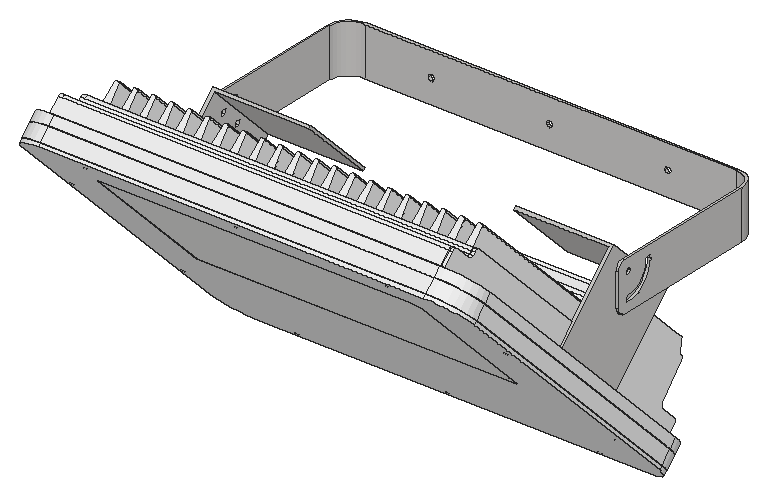
Revit family "FT ATEX LED MAX_2021", category Luminarias, Revit 2021 (continued)
Types (12, lengths in mm): name | Wattage | Power | Position | Archivo de red fotométrica | built-in parameter 1150142 | Modules | Lumens | built-in parameter 1150105 | built-in parameter 1150106 | Equiv MH
  PA304B | 135.315 W | 146 W | 90.00° | "PA304B.ies" | "IESNA:LM-63-2002\r\n[TEST] LEDMAX 2020-1/Converted LDT Editor version 1.3.0.0 - DIAL GmbH (www.dial.de) on 05-10-2020\r\n[TESTLAB] ies2eulumdat.appspot.com\r\n[ISSUEDATE] 2020-10-06T06:30:31.918\r\n[MANUFAC] AIRFAL\r\n[LUMCAT] PA304B\r\n[LUMINAIRE] LED MAX 148W 21366lm ASIMÉTRICA\r\n[LAMPCAT] TRIDONIC LED MODULES\r\n[LAMP] TRIDONIC LED MODULES\r\nTILT=NONE\r\n1\t21366\t1\t91\t72\t1\t2\t0.223\t0.300\t0.003\r\n1.0\t1.0\t153.00\r\n0\t 2\t 4\t 6\t 8\t 10\t 12\t 14\t 16\t 18\r\n20\t 22\t 24\t 26\t 28\t 30\t 32\t 34\t 36\t 38\r\n40\t 42\t 44\t 46\t 48\t 50\t 52\t 54\t 56\t 58\r\n60\t 62\t 64\t 66\t 68\t 70\t 72\t 74\t 76\t 78\r\n80\t 82\t 84\t 86\t 88\t 90\t 92\t 94\t 96\t 98\r\n100\t 102\t 104\t 106\t 108\t 110\t 112\t 114\t 116\t 118\r\n120\t 122\t 124\t 126\t 128\t 130\t 132\t 134\t 136\t 138\r\n140\t 142\t 144\t 146\t 148\t 150\t 152\t 154\t 156\t 158\r\n160\t 162\t 164\t 166\t 168\t 170\t 172\t 174\t 176\t 178\r\n180\r\n0\t 5\t 10\t 15\t 20\t 25\t 30\t 35\t 40\t 45\r\n50\t 55\t 60\t 65\t 70\t 75\t 80\t 85\t 90\t 95\r\n100\t 105\t 110\t 115\t 120\t 125\t 130\t 135\t 140\t 145\r\n150\t 155\t 160\t 165\t 170\t 175\t 180\t 185\t 190\t 195\r\n200\t 205\t 210\t 215\t 220\t 225\t 230\t 235\t 240\t 245\r\n250\t 255\t 260\t 265\t 270\t 275\t 280\t 285\t 290\t 295\r\n300\t 305\t 310\t 315\t 320\t 325\t 330\t 335\t 340\t 345\r\n350\t 355\r\n3501.2464\t3630.938\t3762.5526\t3906.3458\t4057.8307\t4215.0845\t4377.2524\t4527.8827\t4672.1032\t4804.7861\r\n4922.5127\t5031.9067\t5136.8137\t5237.0203\t5334.4492\t5431.6645\t5541.9131\t5655.5802\t5760.0599\t5899.3663\r\n6094.8652\t6356.1713\t6679.0116\t7081.7607\t7533.8653\t7935.5461\t8300.2637\t8629.0864\t9025.2121\t9271.7757\r\n8305.1779\t6801.2251\t4616.7653\t2908.7672\t1907.3428\t1286.0195\t936.4718\t709.3512\t500.1781\t389.9295\r\n310.2343\t243.9997\t196.7809\t164.3045\t136.5287\t110.8895\t0\t0\t0\t0\r\n0\t0\t0\t0\t0\t0\t0\t0\t0\t0\r\n0\t0\t0\t0\t0\t0\t0\t0\t0\t0\r\n0\t0\t0\t0\t0\t0\t0\t0\t0\t0\r\n0\t0\t0\t0\t0\t0\t0\t0\t0\t0\r\n0\r\n3494.8366\t3624.5282\t3754.6472\t3895.6628\t4046.0794\t4203.7605\t4361.4416\t4513.3538\t4658.8563\t4795.8124\r\n4915.0346\t5025.2832\t5129.3356\t5229.7558\t5325.6892\t5421.1952\t5534.435\t5646.1792\t5749.5906\t5881.6325\r\n6071.5762\t6316.0033\t6622.178\t7004.6294\t7456.3067\t7857.3465\t8211.1675\t8517.3422\t8891.2472\t9162.8091\r\n8290.649\t6755.7155\t4777.0103\t3015.5972\t1992.5932\t1359.3049\t980.9131\t742.4685\t524.9626\t406.1677\r\n331.814\t264.0838\t206.3956\t168.7914\t139.0927\t111.3169\t0\t0\t0\t0\r\n0\t0\t0\t0\t0\t0\t0\t0\t0\t0\r\n0\t0\t0\t0\t0\t0\t0\t0\t0\t0\r\n0\t0\t0\t0\t0\t0\t0\t0\t0\t0\r\n0\t0\t0\t0\t0\t0\t0\t0\t0\t0\r\n0\r\n3495.4776\t3623.4599\t3752.0833\t3890.7486\t4038.3877\t4191.3682\t4345.6307\t4496.4747\t4643.0455\t4777.6513\r\n4897.7282\t5007.1221\t5110.9609\t5207.9625\t5300.9046\t5394.4877\t5504.3089\t5614.1302\t5717.5416\t5836.7639\r\n6007.6919\t6238.872\t6519.4076\t6869.5963\t7314.6501\t7705.6479\t8034.898\t8349.6191\t8707.286\t9078.8407\r\n8468.2004\t6870.451\t5119.2936\t3231.6075\t2129.5492\t1455.8792\t1039.6696\t789.0464\t569.8312\t434.7981\r\n357.6668\t288.441\t221.9927\t178.1924\t148.4937\t120.0769\t0\t0\t0\t0\r\n0\t0\t0\t0\t0\t0\t0\t0\t0\t0\r\n0\t0\t0\t0\t0\t0\t0\t0\t0\t0\r\n0\t0\t0\t0\t0\t0\t0\t0\t0\t0\r\n0\t0\t0\t0\t0\t0\t0\t0\t0\t0\r\n0\r\n3489.4951\t3615.5545\t3738.6227\t3873.4421\t4015.3124\t4163.1651\t4310.1632\t4458.0159\t4601.3818\t4734.9193\r\n4854.7825\t4965.0311\t5067.5879\t5161.3846\t5253.4721\t5341.0727\t5443.4158\t5544.2633\t5638.9147\t5740.1896\r\n5877.7866\t6077.1314\t6316.6442\t6616.8365\t7032.8326\t7472.9722\t7852.005\t8182.9643\t8490.2074\t8896.8024\r\n8773.0933\t7229.1861\t5714.9777\t3727.9397\t2435.724\t1646.2503\t1163.5924\t867.6733\t648.8854\t484.7945\r\n404.672\t326.4725\t248.7002\t191.8667\t158.3221\t132.6829\t0\t0\t0\t0\r\n0\t0\t0\t0\t0\t0\t0\t0\t0\t0\r\n0\t0\t0\t0\t0\t0\t0\t0\t0\t0\r\n0\t0\t0\t0\t0\t0\t0\t0\t0\t0\r\n0\t0\t0\t0\t0\t0\t0\t0\t0\t0\r\n0\r\n3492.9137\t3614.0589\t3734.7768\t3862.9728\t3999.5015\t4138.3805\t4283.0284\t4424.4713\t4563.3503\t4691.9736\r\n4810.1276\t4918.6669\t5017.5914\t5109.0379\t5192.579\t5273.1288\t5365.2163\t5453.8852\t5520.1198\t5598.1057\r\n5696.6029\t5858.5572\t6099.7793\t6411.082\t6800.7978\t7253.9707\t7649.028\t7983.6196\t8251.7629\t8623.1039\r\n8888.897\t7779.3606\t6167.5096\t4352.0405\t2839.5414\t1895.1642\t1322.7691\t964.2476\t720.2479\t539.0642\r\n448.2587\t367.0679\t277.9717\t209.8141\t168.7914\t140.3746\t0\t0\t0\t0\r\n0\t0\t0\t0\t0\t0\t0\t0\t0\t0\r\n0\t0\t0\t0\t0\t0\t0\t0\t0\t0\r\n0\t0\t0\t0\t0\t0\t0\t0\t0\t0\r\n0\t0\t0\t0\t0\t0\t0\t0\t0\t0\r\n0\r\n3485.4356\t3602.0939\t3715.5474\t3837.7609\t3965.7433\t4097.3578\t4230.468\t4363.5782\t4497.543\t4622.1068\r\n4735.1329\t4841.3219\t4938.3236\t5023.7876\t5101.1325\t5167.7944\t5239.1569\t5317.3564\t5362.225\t5422.6908\r\n5521.1881\t5674.3823\t5887.1876\t6150.2031\t6489.0679\t6918.9518\t7333.4522\t7688.1278\t7982.1239\t8278.4704\r\n8743.3945\t8527.8116\t6846.3074\t5259.8819\t3575.6001\t2386.7959\t1623.6023\t1153.123\t841.3931\t616.8364\r\n496.1185\t398.6896\t296.7737\t221.1381\t174.9875\t144.0068\t0\t0\t0\t0\r\n0\t0\t0\t0\t0\t0\t0\t0\t0\t0\r\n0\t0\t0\t0\t0\t0\t0\t0\t0\t0\r\n0\t0\t0\t0\t0\t0\t0\t0\t0\t0\r\n0\t0\t0\t0\t0\t0\t0\t0\t0\t0\r\n0\r\n3488.8541\t3598.6754\t3705.719\t3817.8905\t3937.5401\t4058.899\t4182.6082\t4308.2402\t4434.727\t4552.0263\r\n4658.8563\t4757.7809\t4849.2274\t4926.3586\t4994.3025\t5051.9907\t5108.6106\t5180.8277\t5225.269\t5288.5123\r\n5360.3021\t5470.1233\t5638.9147\t5858.3435\t6141.443\t6508.0836\t6939.2495\t7335.1615\t7687.2731\t7938.11\r\n8296.2041\t8695.321\t7799.6583\t6129.0508\t4599.4588\t3142.2976\t2131.4722\t1467.6305\t1042.2335\t746.9554\r\n568.7629\t444.1991\t325.4042\t240.7948\t187.5935\t150.844\t0\t0\t0\t0\r\n0\t0\t0\t0\t0\t0\t0\t0\t0\t0\r\n0\t0\t0\t0\t0\t0\t0\t0\t0\t0\r\n0\t0\t0\t0\t0\t0\t0\t0\t0\t0\r\n0\t0\t0\t0\t0\t0\t0\t0\t0\t0\r\n0\r\n3485.0083\t3587.9924\t3687.7716\t3790.3284\t3898.013\t4009.9709\t4122.5697\t4238.3734\t4350.7586\t4460.5798\r\n4562.923\t4654.3694\t4739.4061\t4813.1188\t4878.4988\t4931.4865\t4981.2692\t5056.4776\t5092.5861\t5139.805\r\n5190.0151\t5259.0272\t5369.2758\t5536.3579\t5751.5135\t6051.2785\t6429.2431\t6875.5788\t7290.5065\t7649.669\r\n7891.5321\t8297.0588\t8483.7976\t7343.0669\t5839.1141\t4435.3679\t3108.112\t2125.4897\t1479.5955\t1048.6433\r\n753.7925\t564.917\t402.5354\t288.441\t213.2327\t162.1679\t0\t0\t0\t0\r\n0\t0\t0\t0\t0\t0\t0\t0\t0\t0\r\n0\t0\t0\t0\t0\t0\t0\t0\t0\t0\r\n0\t0\t0\t0\t0\t0\t0\t0\t0\t0\r\n0\t0\t0\t0\t0\t0\t0\t0\t0\t0\r\n0\r\n3485.8629\t3580.9416\t3671.1061\t3764.9029\t3861.9045\t3961.4701\t4062.3176\t4163.8061\t4264.0126\t4364.0055\r\n4456.5203\t4543.6936\t4623.8161\t4692.6146\t4754.3623\t4806.2817\t4852.6459\t4913.539\t4947.2973\t4982.3375\r\n5012.6773\t5055.6229\t5125.7034\t5241.9344\t5417.563\t5645.1109\t5962.396\t6377.9647\t6848.8713\t7300.3349\r\n7656.0788\t7884.695\t8277.8294\t8289.1534\t7172.3525\t5825.6536\t4552.4536\t3291.646\t2282.3161\t1590.9124\r\n1124.9199\t805.2845\t557.8663\t393.1344\t280.9629\t205.3273\t0\t0\t0\t0\r\n0\t0\t0\t0\t0\t0\t0\t0\t0\t0\r\n0\t0\t0\t0\t0\t0\t0\t0\t0\t0\r\n0\t0\t0\t0\t0\t0\t0\t0\t0\t0\r\n0\t0\t0\t0\t0\t0\t0\t0\t0\t0\r\n0\r\n3482.8717\t3570.6859\t3653.586\t3733.9222\t3820.4545\t3905.4911\t3993.9464\t4081.9743\t4168.7203\t4255.6799\r\n4338.3663\t4417.8478\t4490.7059\t4556.0858\t4615.9106\t4667.83\t4711.203\t4760.1311\t4789.8299\t4821.0242\r\n4852.2186\t4871.448\t4916.1029\t4989.8156\t5107.9696\t5290.0079\t5516.4875\t5843.1737\t6292.287\t6823.4458\r\n7347.7674\t7777.865\t8044.299\t8336.7995\t8475.6785\t7606.5097\t6605.9399\t5519.6924\t3948.8641\t2657.2894\r\n1830.2116\t1287.0878\t890.3212\t599.9573\t395.6983\t248.9139\t0\t0\t0\t0\r\n0\t0\t0\t0\t0\t0\t0\t0\t0\t0\r\n0\t0\t0\t0\t0\t0\t0\t0\t0\t0\r\n0\t0\t0\t0\t0\t0\t0\t0\t0\t0\r\n0\t0\t0\t0\t0\t0\t0\t0\t0\t0\r\n0\r\n3482.4443\t3561.7122\t3635.8522\t3705.719\t3779.2181\t3852.5035\t3926.6435\t3997.3649\t4075.1372\t4146.4996\r\n4216.5801\t4284.7376\t4349.263\t4413.361\t4469.9809\t4519.3363\t4559.2907\t4598.6042\t4649.4553\t4653.5148\r\n4690.9053\t4722.7406\t4757.7809\t4805.8544\t4878.9261\t4993.2342\t5186.1692\t5437.006\t5809.8427\t6322.8404\r\n6948.2232\t7627.8757\t8218.4319\t8604.3019\t8886.974\t8955.9862\t8315.0062\t7153.9778\t5324.6209\t3546.756\r\n2407.5209\t1638.7722\t1092.8709\t705.5053\t446.1221\t282.0312\t0\t0\t0\t0\r\n0\t0\t0\t0\t0\t0\t0\t0\t0\t0\r\n0\t0\t0\t0\t0\t0\t0\t0\t0\t0\r\n0\t0\t0\t0\t0\t0\t0\t0\t0\t0\r\n0\t0\t0\t0\t0\t0\t0\t0\t0\t0\r\n0\r\n3479.6668\t3549.3199\t3613.6316\t3672.6017\t3730.7173\t3793.5333\t3852.9308\t3911.26\t3973.6487\t4031.5505\r\n4087.1021\t4141.3718\t4196.9234\t4251.834\t4304.608\t4352.2542\t4392.2086\t4425.3259\t4483.8688\t4499.4659\r\n4529.1647\t4580.6567\t4607.7916\t4643.4728\t4687.4867\t4780.4288\t4920.5898\t5142.5825\t5423.9728\t5850.0108\r\n6488.6405\t7277.6869\t8157.7525\t8912.6132\t9127.7689\t9139.0928\t8995.086\t7924.2221\t6011.3241\t4108.8955\r\n2704.5083\t1772.5234\t1138.8078\t710.4195\t430.7386\t264.0838\t0\t0\t0\t0\r\n0\t0\t0\t0\t0\t0\t0\t0\t0\t0\r\n0\t0\t0\t0\t0\t0\t0\t0\t0\t0\r\n0\t0\t0\t0\t0\t0\t0\t0\t0\t0\r\n0\t0\t0\t0\t0\t0\t0\t0\t0\t0\r\n0\r\n3482.4443\t3542.4828\t3595.2568\t3643.7576\t3688.1989\t3738.1954\t3782.8503\t3828.3599\t3873.8695\t3921.7293\r\n3960.8291\t4002.4928\t4045.0111\t4089.0251\t4132.3981\t4173.2071\t4212.7342\t4248.8428\t4295.207\t4336.2297\r\n4387.2944\t4428.3172\t4464.853\t4491.1332\t4549.4624\t4642.4045\t4769.5322\t4953.0661\t5238.7295\t5576.0987\r\n6170.7145\t6913.183\t7735.3466\t8501.9587\t8963.037\t9007.051\t8403.6751\t7375.1159\t5671.391\t4020.6539\r\n2645.9654\t1652.2328\t1009.1162\t609.572\t368.9908\t233.9577\t0\t0\t0\t0\r\n0\t0\t0\t0\t0\t0\t0\t0\t0\t0\r\n0\t0\t0\t0\t0\t0\t0\t0\t0\t0\r\n0\t0\t0\t0\t0\t0\t0\t0\t0\t0\r\n0\t0\t0\t0\t0\t0\t0\t0\t0\t0\r\n0\r\n3478.1711\t3527.5266\t3569.6176\t3606.7945\t3640.3391\t3674.952\t3709.1376\t3742.2549\t3771.9536\t3803.5753\r\n3829.8555\t3859.5542\t3887.7574\t3918.7381\t3951.428\t3983.6907\t4019.7992\t4052.9165\t4092.4436\t4159.7465\r\n4208.2474\t4249.2701\t4283.0284\t4334.3068\t4412.5063\t4518.268\t4643.4728\t4818.2467\t5094.7227\t5451.7486\r\n5946.5851\t6509.3656\t7139.2352\t7694.5376\t8071.2202\t8097.2867\t7323.6238\t6198.7039\t5003.7035\t3682.4301\r\n2374.4036\t1460.3661\t867.6733\t503.1693\t305.3201\t200.4131\t0\t0\t0\t0\r\n0\t0\t0\t0\t0\t0\t0\t0\t0\t0\r\n0\t0\t0\t0\t0\t0\t0\t0\t0\t0\r\n0\t0\t0\t0\t0\t0\t0\t0\t0\t0\r\n0\t0\t0\t0\t0\t0\t0\t0\t0\t0\r\n0\r\n3479.6668\t3517.2709\t3550.3882\t3577.9504\t3597.1798\t3620.896\t3642.6893\t3662.1324\t3678.7979\t3693.7541\r\n3709.1376\t3726.4441\t3742.6822\t3757.6384\t3780.2864\t3803.5753\t3831.1375\t3862.9728\t3903.5682\t3965.7433\r\n4007.407\t4049.498\t4089.8797\t4158.6782\t4252.6886\t4363.1509\t4499.6796\t4692.6146\t4941.3148\t5332.099\r\n5706.4313\t6123.4956\t6548.8927\t6850.7942\t6936.8992\t6786.9099\t6064.7391\t5196.4249\t4302.2578\t3049.1419\r\n1993.4478\t1191.7955\t657.4318\t376.0416\t253.1871\t193.3623\t0\t0\t0\t0\r\n0\t0\t0\t0\t0\t0\t0\t0\t0\t0\r\n0\t0\t0\t0\t0\t0\t0\t0\t0\t0\r\n0\t0\t0\t0\t0\t0\t0\t0\t0\t0\r\n0\t0\t0\t0\t0\t0\t0\t0\t0\t0\r\n0\r\n3476.0345\t3502.742\t3526.031\t3541.8418\t3551.8838\t3563.2078\t3575.6001\t3583.9328\t3586.9241\t3589.2743\r\n3592.6929\t3597.1798\t3601.6666\t3606.5808\t3616.1955\t3629.4424\t3646.3216\t3674.952\t3707.001\t3754.0062\r\n3793.5333\t3824.3003\t3866.8187\t3942.027\t4034.5418\t4142.4401\t4274.9093\t4460.3662\t4706.2888\t5044.2989\r\n5332.5263\t5637.2054\t5927.1421\t6073.7128\t6001.2821\t5816.8935\t5243.6437\t4450.9651\t3639.6981\t2588.7046\r\n1670.6075\t987.9638\t546.7559\t341.215\t254.8964\t197.4218\t0\t0\t0\t0\r\n0\t0\t0\t0\t0\t0\t0\t0\t0\t0\r\n0\t0\t0\t0\t0\t0\t0\t0\t0\t0\r\n0\t0\t0\t0\t0\t0\t0\t0\t0\t0\r\n0\t0\t0\t0\t0\t0\t0\t0\t0\t0\r\n0\r\n3474.1116\t3491.4181\t3503.8103\t3507.2289\t3508.7245\t3508.2972\t3509.1518\t3506.3743\t3498.4688\t3489.4951\r\n3482.8717\t3475.6072\t3470.0521\t3464.7106\t3466.2062\t3471.7613\t3482.017\t3495.2639\t3517.0573\t3553.8068\r\n3583.2919\t3598.889\t3639.9118\t3706.5737\t3792.6787\t3886.2617\t3998.4332\t4165.088\t4378.9617\t4639.1996\r\n4852.8596\t5064.383\t5266.2917\t5332.9536\t5206.4669\t4977.8507\t4559.2907\t3823.4457\t2972.0106\t2164.5895\r\n1473.1857\t938.822\t534.15\t357.2395\t275.6214\t218.1469\t0\t0\t0\t0\r\n0\t0\t0\t0\t0\t0\t0\t0\t0\t0\r\n0\t0\t0\t0\t0\t0\t0\t0\t0\t0\r\n0\t0\t0\t0\t0\t0\t0\t0\t0\t0\r\n0\t0\t0\t0\t0\t0\t0\t0\t0\t0\r\n0\r\n3471.7613\t3478.1711\t3479.6668\t3474.1116\t3464.7106\t3455.7368\t3445.4812\t3432.6616\t3416.6371\t3399.3306\r\n3382.6651\t3367.7089\t3352.5391\t3344.6336\t3339.5058\t3342.0697\t3332.2414\t3328.6091\t3350.8298\t3377.11\r\n3391.4252\t3394.8437\t3428.1747\t3473.0433\t3535.432\t3610.213\t3695.677\t3809.9851\t3962.9657\t4148.2089\r\n4294.3523\t4418.0615\t4535.5745\t4576.1699\t4465.0667\t4216.1528\t3874.7241\t3354.8893\t2702.799\t2086.6036\r\n1564.2049\t1106.5451\t699.9502\t432.4478\t345.2746\t266.0067\t0\t0\t0\t0\r\n0\t0\t0\t0\t0\t0\t0\t0\t0\t0\r\n0\t0\t0\t0\t0\t0\t0\t0\t0\t0\r\n0\t0\t0\t0\t0\t0\t0\t0\t0\t0\r\n0\t0\t0\t0\t0\t0\t0\t0\t0\t0\r\n0\r\n3499.9645\t3493.982\t3483.0853\t3465.7789\t3443.9855\t3422.1922\t3402.3218\t3379.6739\t3352.9664\t3327.5408\r\n3300.406\t3275.8351\t3253.4008\t3239.7266\t3229.2572\t3219.2152\t3191.2258\t3185.6706\t3200.4131\t3213.8737\r\n3206.3956\t3202.9771\t3225.1977\t3257.4604\t3298.0558\t3344.6336\t3393.5618\t3463.2149\t3559.7893\t3671.1061\r\n3747.5964\t3792.6787\t3816.8222\t3805.0709\t3711.0605\t3496.9732\t3203.618\t2876.5046\t2486.3614\t2084.6806\r\n1707.998\t1347.5536\t1000.7834\t697.3862\t441.8489\t295.9191\t0\t0\t0\t0\r\n0\t0\t0\t0\t0\t0\t0\t0\t0\t0\r\n0\t0\t0\t0\t0\t0\t0\t0\t0\t0\r\n0\t0\t0\t0\t0\t0\t0\t0\t0\t0\r\n0\t0\t0\t0\t0\t0\t0\t0\t0\t0\r\n0\r\n3505.306\t3489.0678\t3467.7018\t3437.5757\t3407.877\t3377.11\t3346.9839\t3316.4305\t3282.6722\t3249.5549\r\n3214.301\t3183.7477\t3161.0997\t3141.6566\t3125.4185\t3092.3012\t3060.0385\t3057.0473\t3065.38\t3058.5429\r\n3032.2627\t3026.9212\t3036.7496\t3057.4746\t3077.345\t3099.9929\t3126.7004\t3154.9036\t3201.0541\t3251.9052\r\n3296.9875\t3291.005\t3258.5287\t3221.3518\t3149.5621\t2994.2312\t2786.981\t2563.279\t2314.1515\t2085.9626\r\n1828.2886\t1582.366\t1346.058\t1060.1809\t655.5089\t401.2535\t0\t0\t0\t0\r\n0\t0\t0\t0\t0\t0\t0\t0\t0\t0\r\n0\t0\t0\t0\t0\t0\t0\t0\t0\t0\r\n0\t0\t0\t0\t0\t0\t0\t0\t0\t0\r\n0\t0\t0\t0\t0\t0\t0\t0\t0\t0\r\n0\r\n3516.2026\t3487.5722\t3454.8822\t3417.7054\t3377.5373\t3338.0102\t3299.5514\t3260.0243\t3219.4289\t3179.6881\r\n3141.2293\t3107.0437\t3081.4045\t3058.1156\t3025.4256\t2980.9843\t2952.1402\t2942.9528\t2940.3889\t2919.0229\r\n2885.051\t2872.445\t2870.5221\t2874.5816\t2873.5133\t2875.6499\t2879.0685\t2882.0597\t2886.3329\t2894.452\r\n2914.5361\t2908.7672\t2868.5992\t2812.8339\t2759.4189\t2671.6046\t2539.1354\t2381.4544\t2218.6454\t2092.586\r\n1938.5372\t1725.5182\t1503.7391\t1212.9478\t636.0658\t377.5372\t0\t0\t0\t0\r\n0\t0\t0\t0\t0\t0\t0\t0\t0\t0\r\n0\t0\t0\t0\t0\t0\t0\t0\t0\t0\r\n0\t0\t0\t0\t0\t0\t0\t0\t0\t0\r\n0\t0\t0\t0\t0\t0\t0\t0\t0\t0\r\n0\r\n3513.2114\t3474.5389\t3432.6616\t3386.511\t3336.0872\t3288.2274\t3241.6495\t3195.7126\t3148.7074\t3106.6164\r\n3064.5254\t3028.4168\t2997.8635\t2965.1735\t2913.2541\t2865.1806\t2833.9862\t2822.0213\t2805.3558\t2770.7429\r\n2735.0617\t2718.1825\t2708.7815\t2701.3034\t2687.6291\t2665.1948\t2647.0337\t2627.8043\t2608.7886\t2590.6275\r\n2589.5592\t2597.6783\t2577.3806\t2526.3158\t2475.2511\t2411.5804\t2331.8852\t2236.8065\t2157.7523\t2101.9871\r\n1995.1571\t1751.1574\t1422.5483\t1109.1091\t607.4354\t323.4812\t0\t0\t0\t0\r\n0\t0\t0\t0\t0\t0\t0\t0\t0\t0\r\n0\t0\t0\t0\t0\t0\t0\t0\t0\t0\r\n0\t0\t0\t0\t0\t0\t0\t0\t0\t0\r\n0\t0\t0\t0\t0\t0\t0\t0\t0\t0\r\n0\r\n3515.7753\t3467.0608\t3416.8507\t3361.2991\t3302.5426\t3247.4183\t3194.0033\t3142.084\t3090.8056\t3043.373\r\n2998.7181\t2954.7041\t2923.0825\t2871.5904\t2811.1246\t2759.4189\t2722.6694\t2703.44\t2676.0915\t2630.5819\r\n2591.0548\t2572.6801\t2555.5873\t2533.3666\t2515.8465\t2489.78\t2457.9446\t2425.8956\t2395.1286\t2365.0025\r\n2340.859\t2346.8414\t2340.218\t2317.1427\t2275.479\t2231.465\t2191.9379\t2146.001\t2119.0799\t2062.6736\r\n1934.0503\t1700.0926\t1378.5343\t865.7503\t423.4741\t204.8999\t0\t0\t0\t0\r\n0\t0\t0\t0\t0\t0\t0\t0\t0\t0\r\n0\t0\t0\t0\t0\t0\t0\t0\t0\t0\r\n0\t0\t0\t0\t0\t0\t0\t0\t0\t0\r\n0\t0\t0\t0\t0\t0\t0\t0\t0\t0\r\n0\r\n3517.0573\t3457.8734\t3398.476\t3335.2326\t3266.4341\t3205.1137\t3146.9981\t3091.2329\t3034.8266\t2983.7619\r\n2933.9791\t2889.3242\t2842.5326\t2777.1527\t2709.4225\t2652.3752\t2607.293\t2584.2177\t2540.2037\t2488.7117\r\n2451.1075\t2425.4683\t2402.6067\t2378.4631\t2355.1742\t2332.3126\t2302.1865\t2265.6506\t2230.6104\t2192.3653\r\n2168.649\t2157.325\t2171.6402\t2176.5544\t2167.1534\t2155.8294\t2135.1044\t2109.8925\t2057.7595\t1943.665\r\n1774.019\t1537.9247\t1204.4014\t667.2602\t266.2204\t163.2362\t0\t0\t0\t0\r\n0\t0\t0\t0\t0\t0\t0\t0\t0\t0\r\n0\t0\t0\t0\t0\t0\t0\t0\t0\t0\r\n0\t0\t0\t0\t0\t0\t0\t0\t0\t0\r\n0\t0\t0\t0\t0\t0\t0\t0\t0\t0\r\n0\r\n3516.6299\t3448.2587\t3381.5968\t3312.371\t3237.59\t3170.5007\t3106.6164\t3044.655\t2983.7619\t2928.424\r\n2875.009\t2826.0808\t2762.1965\t2688.4838\t2611.9935\t2547.0409\t2493.6259\t2461.3632\t2408.1619\t2351.1146\r\n2316.0744\t2288.9396\t2266.7189\t2241.9344\t2217.5771\t2190.8696\t2158.3933\t2124.2077\t2096.8592\t2075.2796\r\n2058.4004\t2050.495\t2056.9048\t2078.0572\t2116.0886\t2144.2918\t2144.9327\t2108.3969\t1997.08\t1813.9734\r\n1578.5201\t1305.4626\t856.7766\t389.2885\t198.2765\t151.4849\t0\t0\t0\t0\r\n0\t0\t0\t0\t0\t0\t0\t0\t0\t0\r\n0\t0\t0\t0\t0\t0\t0\t0\t0\t0\r\n0\t0\t0\t0\t0\t0\t0\t0\t0\t0\r\n0\t0\t0\t0\t0\t0\t0\t0\t0\t0\r\n0\r\n3515.1343\t3439.0714\t3365.3587\t3287.1591\t3207.4639\t3133.7512\t3062.6024\t2992.7356\t2930.5606\t2871.5904\r\n2814.3295\t2754.7184\t2675.2369\t2591.6958\t2513.0689\t2439.7835\t2381.4544\t2342.3546\t2281.4615\t2224.4143\r\n2188.9467\t2161.5982\t2137.4546\t2115.6613\t2087.0309\t2057.9731\t2035.1115\t2018.2324\t1990.4566\t1959.9032\r\n1950.9295\t1951.3568\t1973.1501\t2023.1465\t2103.4827\t2156.684\t2179.5457\t2111.3881\t1945.588\t1692.1872\r\n1414.8565\t1000.3561\t519.8348\t281.6039\t191.012\t156.1855\t0\t0\t0\t0\r\n0\t0\t0\t0\t0\t0\t0\t0\t0\t0\r\n0\t0\t0\t0\t0\t0\t0\t0\t0\t0\r\n0\t0\t0\t0\t0\t0\t0\t0\t0\t0\r\n0\t0\t0\t0\t0\t0\t0\t0\t0\t0\r\n0\r\n3517.6982\t3432.0206\t3351.0434\t3266.8614\t3183.1067\t3101.7022\t3023.0753\t2949.79\t2884.8373\t2819.03\r\n2757.9233\t2683.9969\t2592.9778\t2503.6679\t2419.4858\t2340.4316\t2274.4107\t2230.6104\t2166.7261\t2109.2515\r\n2073.784\t2046.4355\t2021.6509\t1998.5756\t1980.6282\t1963.3217\t1943.4514\t1919.7351\t1894.0959\t1872.7299\r\n1875.9348\t1897.5145\t1930.8454\t2007.763\t2080.6211\t2150.9152\t2148.3513\t2035.5388\t1830.8525\t1545.8301\r\n1241.5783\t815.1129\t423.0468\t260.2379\t196.7809\t160.245\t0\t0\t0\t0\r\n0\t0\t0\t0\t
